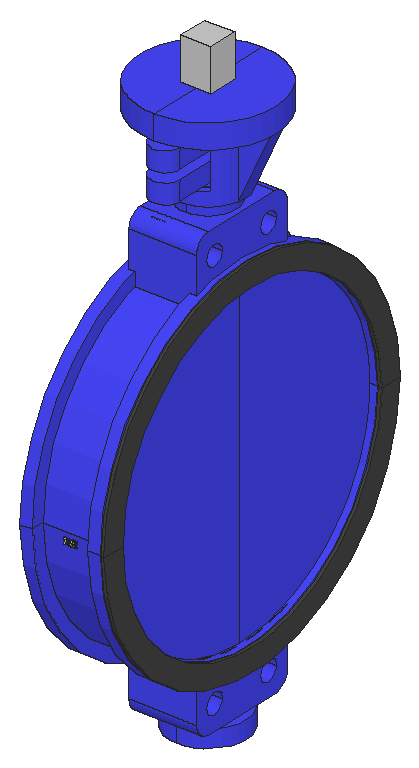
Revit family "926-10-002-DN50-500", category Pipe Accessories, Revit 2022
Family settings
  Round Connector Dimension = Use Diameter
  Part Type = Valve - Breaks Into
  Work Plane-Based = No
  Always vertical = Yes
  Cut with Voids When Loaded = No
  Shared = No
Parameters (values of type "DN500_PN25")
  total_FL_legth = A - L  # 124 mm
  rib_Loctn = Body_rib_L * 0.4  # 34.8 mm
  bottom_Shaft_T = Body_rib_W * 0.7  # 26.6 mm
  bottom_Shaft_R = Body_rib_L * 0.68  # 59.16 mm
  Wedge = A / 1.3  # 100 mm
  URL_product_pages = "https://www.avkvalves.com/P.aspx?no=92605010030160100000"
  Top_Rib = D / 2  # 23 mm
  Top_Flange_R = size_lookup(Search_table, "Top_Flange_R", 0 mm, DN)  # 105 mm
  Top _Flange_dim2 = Body_shaft_R3_T * 2  # 40 mm
  Top _Flange_dim1 = Body_shaft_R3 * 0.68  # 38.454 mm
  Slot_dim1 = Body_shaft_R2_T / 3  # 12.267 mm
  Slot_T = Body_shaft_R2_T * 0.8  # 29.44 mm
  Search_table = "926-10-002-DN50-500"
  Seal_R = (FL_R - Bore_R) / 2  # 17.5 mm
  Rib_T = (FL_T - Raised_dis) / 1.5  # 10 mm
  Rib_R = D / 2  # 23 mm
  Raised_dis = size_lookup(Search_table, "Raised_dis", 0 mm, DN)  # 4 mm
  Raised_R = size_lookup(Search_table, "Raised_R", 0 mm, DN)  # 260 mm
  PCD = size_lookup(Search_table, "PCD", 0 mm, DN)  # 620 mm
  L = Raised_dis * 1.5  # 6 mm
  Hole_R = size_lookup(Search_table, "Hole_R", 0 mm, DN)  # 16 mm
  FL_T = size_lookup(Search_table, "FL_T", 0 mm, DN)  # 19 mm
  FL_R = size_lookup(Search_table, "FL_R", 0 mm, DN)  # 285 mm
  E = size_lookup(Search_table, "E", 0 mm, DN)  # 65 mm
  Description_ = "AVK DBL. ECC. BUTTERFLY VALVE, WAFER, AWWA SHORT, PN25"
  Default Elevation = 0 mm
  DN500_PN 25 = "926-500-10-030080100000"
  DN450_PN 25 = "926-450-10-030080100000"
  DN400_PN 25 = "926-400-10-030080100000"
  DN350_PN 25 = "926-350-10-030080100000"
  DN300_PN 25 = "926-300-10-030080100000"
  DN250_PN 25 = "926-250-10-030080100000"
  DN200_PN 25 = "926-200-10-030080100000"
  DN150_PN25 = "926-150-10-030080100000"
  DN100_PN 25 = "926-100-10-030160100000"
  DN080_PN 25 = "926-080-10-030160100000"
  DN050_PN 25 = "926-050-10-030160100000"
  DN = 500 mm
  D = size_lookup(Search_table, "D", 0 mm, DN)  # 46 mm
  C = size_lookup(Search_table, "C", 0 mm, DN)  # 511 mm
  Bore_R = size_lookup(Search_table, "Bore_R", 0 mm, DN)  # 250 mm
  Body_shaft_R3_T = D / 2.3  # 20 mm
  Body_shaft_R3 = Body_shaft_R2 * 1.3  # 56.55 mm
  Body_shaft_R2_T = D * 0.8  # 36.8 mm
  Body_shaft_R2 = Body_rib_L * 0.5  # 43.5 mm
  Body_shaft_R1 = (total_FL_legth - FL_T) / 2  # 52.5 mm
  Body_rib_W = size_lookup(Search_table, "Body_rib_W", 0 mm, DN)  # 38 mm
  Body_rib_L = size_lookup(Search_table, "Body_rib_L", 0 mm, DN)  # 87 mm
  Body_end_shaft_R = (total_FL_legth - 2 * Raised_dis) / 2  # 58 mm
  Body_T = size_lookup(Search_table, "Body_T", 0 mm, DN)  # 15 mm
  B = size_lookup(Search_table, "B", 0 mm, DN)  # 380 mm
  A = size_lookup(Search_table, "A", 0 mm, DN)  # 130 mm
Types (12, lengths in mm): name | total_FL_legth | rib_Loctn | bottom_Shaft_T | bottom_Shaft_R | Wedge | URL_product_pages | Top_Rib | Top_Flange_R | Top _Flange_dim2 | Top _Flange_dim1 | Slot_dim1 | Slot_T | Seal_R | Rib_T | Rib_R | Raised_dis | Raised_R | PCD | L | Hole_R | FL_T | FL_R | E | Description_ | DN500_PN 25 | DN450_PN 25 | DN400_PN 25 | DN350_PN 25 | DN300_PN 25 | DN250_PN 25 | DN200_PN 25 | DN150_PN25 | DN100_PN 25 | DN080_PN 25 | DN050_PN 25 | DN | D | C | Bore_R | Body_shaft_R3_T | Body_shaft_R3 | Body_shaft_R2_T | Body_shaft_R2 | Body_shaft_R1 | Body_rib_W | Body_rib_L | Body_end_shaft_R | Body_T | B | A
  (no name) | 124 | 34.8 | 26.6 | 59.16 | 100 | "https://www.avkvalves.com/P.aspx?no=92605010030160100000" | 23 | 105 | 40 | 38.454 | 12.267 | 29.44 | 17.5 | 10 | 23 | 4 | 260 | 620 | 6 | 16 | 19 | 285 | 65 | "AVK DBL. ECC. BUTTERFLY VALVE, WAFER, AWWA SHORT, PN25" | "926-500-10-030080100000" | "926-450-10-030080100000" | "926-400-10-030080100000" | "926-350-10-030080100000" | "926-300-10-030080100000" | "926-250-10-030080100000" | "926-200-10-030080100000" | "926-150-10-030080100000" | "926-100-10-030160100000" | "926-080-10-030160100000" | "926-050-10-030160100000" | 500 | 46 | 511 | 250 | 20 | 56.55 | 36.8 | 43.5 | 52.5 | 38 | 87 | 58 | 15 | 380 | 130
  DN500_PN25 | 124 | 34.8 | 26.6 | 59.16 | 100 | "https://www.avkvalves.com/P.aspx?no=92605010030160100000" | 23 | 105 | 40 | 38.454 | 12.267 | 29.44 | 17.5 | 10 | 23 | 4 | 260 | 620 | 6 | 16 | 19 | 285 | 65 | "AVK DBL. ECC. BUTTERFLY VALVE, WAFER, AWWA SHORT, PN25" | "926-500-10-030080100000" | "926-450-10-030080100000" | "926-400-10-030080100000" | "926-350-10-030080100000" | "926-300-10-030080100000" | "926-250-10-030080100000" | "926-200-10-030080100000" | "926-150-10-030080100000" | "926-100-10-030160100000" | "926-080-10-030160100000" | "926-050-10-030160100000" | 500 | 46 | 511 | 250 | 20 | 56.55 | 36.8 | 43.5 | 52.5 | 38 | 87 | 58 | 15 | 380 | 130
  DN450_PN25 | 111 | 31.2 | 28.7 | 53.04 | 90 | "https://www.avkvalves.com/P.aspx?no=92605010030160100000" | 18 | 105 | 31.304 | 34.476 | 9.6 | 23.04 | 20 | 10 | 18 | 4 | 245 | 565 | 6 | 15 | 19 | 265 | 38 | "AVK DBL. ECC. BUTTERFLY VALVE, WAFER, AWWA SHORT, PN25" | "926-500-10-030080100000" | "926-450-10-030080100000" | "926-400-10-030080100000" | "926-350-10-030080100000" | "926-300-10-030080100000" | "926-250-10-030080100000" | "926-200-10-030080100000" | "926-150-10-030080100000" | "926-100-10-030160100000" | "926-080-10-030160100000" | "926-050-10-030160100000" | 450 | 36 | 492 | 225 | 15.652 | 50.7 | 28.8 | 39 | 46 | 41 | 78 | 51.5 | 16 | 360 | 117
  DN400_PN25 | 100.5 | 28 | 29.4 | 47.6 | 80.769 | "https://www.avkvalves.com/P.aspx?no=92605010020140100000" | 18 | 87.5 | 31.304 | 30.94 | 9.6 | 23.04 | 20 | 10 | 18 | 3 | 220 | 515 | 4.5 | 14 | 18 | 240 | 41 | "AVK DBL. ECC. BUTTERFLY VALVE, WAFER" | "926-500-10-010040100000" | "926-450-10-010040100000" | "926-400-10-010040100000" | "926-350-10-010040100000" | "926-300-10-010040100000" | "926-250-10-010040100000" | "926-200-10-010040100000" | "926-150-10-020040100000" | "926-100-10-020140100000" | "926-080-10-020140100000" | "926-050-10-020140100000" | 400 | 36 | 451 | 200 | 15.652 | 45.5 | 28.8 | 35 | 41.25 | 42 | 70 | 47.25 | 15 | 350 | 105
  DN350_PN25 | 91.8 | 26.8 | 21.7 | 45.56 | 74.077 | "https://www.avkvalves.com/P.aspx?no=92605010020140100000" | 18 | 75 | 31.304 | 29.614 | 9.6 | 23.04 | 17.5 | 10 | 18 | 3 | 190 | 460 | 4.5 | 13 | 18 | 210 | 41 | "AVK DBL. ECC. BUTTERFLY VALVE, WAFER" | "926-500-10-010040100000" | "926-450-10-010040100000" | "926-400-10-010040100000" | "926-350-10-010040100000" | "926-300-10-010040100000" | "926-250-10-010040100000" | "926-200-10-010040100000" | "926-150-10-020040100000" | "926-100-10-020140100000" | "926-080-10-020140100000" | "926-050-10-020140100000" | 350 | 36 | 420 | 175 | 15.652 | 43.55 | 28.8 | 33.5 | 36.9 | 31 | 67 | 42.9 | 14 | 290 | 96.3
  DN300_PN25 | 81.2 | 24 | 21 | 40.8 | 65.923 | "https://www.avkvalves.com/P.aspx?no=92605010020140100000" | 13.5 | 75 | 23.478 | 26.52 | 7.2 | 17.28 | 15 | 10 | 13.5 | 3 | 160 | 400 | 4.5 | 12 | 18 | 180 | 41 | "AVK DBL. ECC. BUTTERFLY VALVE, WAFER" | "926-500-10-010040100000" | "926-450-10-010040100000" | "926-400-10-010040100000" | "926-350-10-010040100000" | "926-300-10-010040100000" | "926-250-10-010040100000" | "926-200-10-010040100000" | "926-150-10-020040100000" | "926-100-10-020140100000" | "926-080-10-020140100000" | "926-050-10-020140100000" | 300 | 27 | 390 | 150 | 11.739 | 39 | 21.6 | 30 | 31.6 | 30 | 60 | 37.6 | 14 | 260 | 85.7
  DN250_PN25 | 76.4 | 22.4 | 16.8 | 38.08 | 61.077 | "https://www.avkvalves.com/P.aspx?no=92605010020140100000" | 13.5 | 75 | 23.478 | 24.752 | 7.2 | 17.28 | 17.5 | 10.667 | 13.5 | 2 | 140 | 350 | 3 | 11 | 18 | 160 | 36 | "AVK DBL. ECC. BUTTERFLY VALVE, WAFER" | "926-500-10-010040100000" | "926-450-10-010040100000" | "926-400-10-010040100000" | "926-350-10-010040100000" | "926-300-10-010040100000" | "926-250-10-010040100000" | "926-200-10-010040100000" | "926-150-10-020040100000" | "926-100-10-020140100000" | "926-080-10-020140100000" | "926-050-10-020140100000" | 250 | 27 | 340 | 125 | 11.739 | 36.4 | 21.6 | 28 | 29.2 | 24 | 56 | 36.2 | 14 | 222 | 79.4
  DN200_PN25 | 71.6 | 20.8 | 15.4 | 35.36 | 57.385 | "https://www.avkvalves.com/P.aspx?no=92605010020140100000" | 11 | 62.5 | 19.13 | 22.984 | 5.867 | 14.08 | 15 | 8.667 | 11 | 2 | 110 | 295 | 3 | 10 | 15 | 130 | 30 | "AVK DBL. ECC. BUTTERFLY VALVE, WAFER" | "926-500-10-010040100000" | "926-450-10-010040100000" | "926-400-10-010040100000" | "926-350-10-010040100000" | "926-300-10-010040100000" | "926-250-10-010040100000" | "926-200-10-010040100000" | "926-150-10-020040100000" | "926-100-10-020140100000" | "926-080-10-020140100000" | "926-050-10-020140100000" | 200 | 22 | 320 | 100 | 9.565 | 33.8 | 17.6 | 26 | 28.3 | 22 | 52 | 33.8 | 12 | 200 | 74.6
  DN150_PN25 | 68.4 | 12.8 | 14 | 21.76 | 54.923 | "https://www.avkvalves.com/P.aspx?no=92605010020140100000" | 8.5 | 62.5 | 14.783 | 14.144 | 4.533 | 10.88 | 13.5 | 7.333 | 8.5 | 2 | 90 | 240 | 3 | 8 | 13 | 102 | 27 | "AVK DBL. ECC. BUTTERFLY VALVE, WAFER" | "926-500-10-010040100000" | "926-450-10-010040100000" | "926-400-10-010040100000" | "926-350-10-010040100000" | "926-300-10-010040100000" | "926-250-10-010040100000" | "926-200-10-010040100000" | "926-150-10-020040100000" | "926-100-10-020140100000" | "926-080-10-020140100000" | "926-050-10-020140100000" | 150 | 17 | 280 | 75 | 7.391 | 20.8 | 13.6 | 16 | 27.7 | 20 | 32 | 32.2 | 12 | 170 | 71.4
  DN100_PN25 | 54.2 | 10 | 10.5 | 17 | 44 | "https://www.avkvalves.com/P.aspx?no=92605010020140100000" | 5.5 | 45 | 9.565 | 11.05 | 2.933 | 7.04 | 16 | 6 | 5.5 | 2 | 65 | 180 | 3 | 6 | 11 | 82 | 20 | "AVK DBL. ECC. BUTTERFLY VALVE, WAFER" | "926-500-10-010040100000" | "926-450-10-010040100000" | "926-400-10-010040100000" | "926-350-10-010040100000" | "926-300-10-010040100000" | "926-250-10-010040100000" | "926-200-10-010040100000" | "926-150-10-020040100000" | "926-100-10-020140100000" | "926-080-10-020140100000" | "926-050-10-020140100000" | 100 | 11 | 202 | 50 | 4.783 | 16.25 | 8.8 | 12.5 | 21.6 | 15 | 25 | 25.1 | 10 | 130 | 57.2
  DN080_PN25 | 47.8 | 8 | 8.4 | 13.6 | 39.077 | "https://www.avkvalves.com/P.aspx?no=92605010020140100000" | 4.5 | 45 | 7.826 | 8.84 | 2.4 | 5.76 | 17.5 | 5.333 | 4.5 | 2 | 64 | 160 | 3 | 5 | 10 | 75 | 18 | "AVK DBL. ECC. BUTTERFLY VALVE, WAFER" | "926-500-10-010040100000" | "926-450-10-010040100000" | "926-400-10-010040100000" | "926-350-10-010040100000" | "926-300-10-010040100000" | "926-250-10-010040100000" | "926-200-10-010040100000" | "926-150-10-020040100000" | "926-100-10-020140100000" | "926-080-10-020140100000" | "926-050-10-020140100000" | 80 | 9 | 185 | 40 | 3.913 | 13 | 7.2 | 10 | 18.9 | 12 | 20 | 21.9 | 8 | 110 | 50.8
  DN050_PN25 | 47.8 | 6 | 5.6 | 10.2 | 39.077 | "https://www.avkvalves.com/P.aspx?no=92605010020140100000" | 4.5 | 45 | 7.826 | 6.63 | 2.4 | 5.76 | 13.5 | 5.333 | 4.5 | 2 | 34 | 120 | 3 | 4 | 10 | 52 | 18 | "AVK DBL. ECC. BUTTERFLY VALVE, WAFER AWWA SHORT, PN25" | "926-500-10-030080100000" | "926-450-10-030080100000" | "926-400-10-030080100000" | "926-350-10-030080100000" | "926-300-10-030080100000" | "926-250-10-030080100000" | "926-200-10-030080100000" | "926-150-10-030080100000" | "926-100-10-030160100000" | "926-080-10-030160100000" | "926-050-10-030160100000" | 50 | 9 | 110 | 25 | 3.913 | 9.75 | 7.2 | 7.5 | 18.9 | 8 | 15 | 21.9 | 8 | 80 | 50.8
Reference planes
  plane 1 "Center (Front/Back)": y = 0
  plane 2: z = 0
  plane 3 "Center (Left/Right)": x = 0
  plane 4: z = -310
  plane 5: z = 310
  plane 6: x = -62
  plane 7: x = 62
  plane 8: y = 310
  plane 9: y = -310
  plane 10: x = -62
  plane 11: x = 62
  plane 12: x = -52
  plane 13: x = 52
  plane 14: z = -380
  plane 15: y = 87
  plane 16: y = -87
  plane 17: z = -348
  plane 18: z = 348
  plane 19: z = 348
  plane 20: z = 511
  plane 21: y = 23
  plane 22: y = -23
  plane 23: z = 511
  plane 24: z = 576
  plane 25: y = 23
  plane 26: y = -23
  plane 27: x = -23
  plane 28: x = 23
  plane 29: z = 474.2
  plane 30: z = 348
  plane 31: x = -11.5
  plane 32: x = 11.5
  plane 33: z = 250
  plane 34: z = -250
  plane 35: z = 388
  plane 36: z = 348
  plane 37: z = 250
  plane 38: z = 285
  plane 39: z = 474.2
  plane 40: z = 358.56
  plane 41: z = 461.933
  plane 42: z = 432.493
  plane 43: y = 285
  plane 44: y = 285
  plane 45: y = 11.5
  plane 46: y = -11.5
  plane 47: x = -23
  plane 48: x = 23
Forms (mm)
  Revolve 1, solid, material "Default"
    sketch origin (0, 0, 0) x (1, 0, 0) y (0, 1, 0)
      loop
        line (-62, 250) -> (62, 250) -> (62, 285) -> (43, 285) -> (43, 265) -> (-43, 265) -> (-43, 285) -> (-62, 285) -> (-62, 250)
      axis (-62, 0) -> (62, 0)
    angle from 0 to 360
  Revolve 2, solid, material "Default Roof"
    sketch origin (0, 0, 0) x (1, 0, 0) y (0, 1, 0)
      loop
        line (62, 285) -> (62, 250) -> (68, 250) -> (68, 285) -> (62, 285)
      axis (68, 0) -> (62, 0)
    angle from 0 to 360
  Extrusion 3, solid, material "Default"
    sketch origin (0, 0, 0) x (0, 1, 0) y (0, 0, 1)
      loop
        line (64, 348) -> (-64, 348)
        arc (-64, 348) -> (-80.263, 341.263) -> (-87, 325) r 23
        line (-87, 325) -> (-87, -325)
        arc (-87, -325) -> (-80.263, -341.263) -> (-64, -348) r 23
        line (-64, -348) -> (64, -348)
        arc (64, -348) -> (80.263, -341.263) -> (87, -325) r 23
        line (87, -325) -> (87, 325)
        arc (87, 325) -> (80.263, 341.263) -> (64, 348) r 23
    from -52 to 52
  Revolve 4, solid, material "Default"
    sketch origin (0, 0, 0) x (0, 1, 0) y (0, 0, 1)
      loop
        line (0, -380) -> (0, -348) -> (-43.5, -348) -> (-43.5, -353.4) -> (-59.16, -353.4) -> (-59.16, -380) -> (0, -380)
      axis (0, -348) -> (0, -380)
    angle from 0 to 360
  Extrusion 5, void
    sketch origin (0, 2.804, 16.825) x (0, -1, 0) y (0, 0, 1)
      loop
        circle (-49.396, -326.825) r 16
      loop
        circle (55.004, -326.825) r 16
      loop
        circle (-49.396, 293.175) r 16
      loop
        circle (55.004, 293.175) r 16
    from -62 to 62
  Revolve 6, solid, material "Default"
    sketch origin (0, 0, 0) x (0, 1, 0) y (0, 0, 1)
      loop
        line (0, 348) -> (0, 511) -> (-105, 511) -> (-105, 474.2) -> (-43.5, 474.2) -> (-43.5, 348) -> (0, 348)
      axis (0, 511) -> (0, 348)
    angle from 0 to 360
  Extrusion 7, solid, material "Laminate, White"
    sketch origin (0, 0, 0) x (0, 1, 0) y (0, 0, 1)
      loop
        line (23, 576) -> (-23, 576) -> (-23, 511) -> (23, 511) -> (23, 576)
    from -23 to 23
  Revolve 8, solid, material "Default"
    sketch origin (0, 0, 0) x (0, 1, 0) y (0, 0, 1)
      loop
        line (-56.55, 474.2) -> (-56.55, 368) -> (0, 368) -> (0, 474.2) -> (-56.55, 474.2)
      axis (0, 474.2) -> (0, 368)
    angle from 0 to 360
  Revolve 9, solid, material "Default"
    sketch origin (0, 0, 0) x (0, 1, 0) y (0, 0, 1)
      loop
        line (0, 474.2) -> (-43.5, 474.2) -> (-43.5, 388) -> (0, 388) -> (0, 474.2)
      axis (0, 388) -> (0, 474.2)
    angle from 0 to 360
  Revolve 10, void
    sketch origin (0, 0, 0) x (1, 0, 0) y (0, 1, 0)
      loop
        line (-65, 250) -> (-65, 0) -> (65, 0) -> (65, 250) -> (-65, 250)
      axis (65, 0) -> (-65, 0)
    angle from 0 to 360
  Revolve 11, solid, material "Default"
    sketch origin (0, 0, 0) x (1, 0, 0) y (0, 0, 1)
      loop
        line (50, 250) -> (-50, 250) -> (-50, 0) -> (50, 0) -> (50, 250)
      axis (-50, 0) -> (50, 0)
    angle from 0 to 360
  Extrusion 12, solid, material "Default"
    sketch origin (0, 0, 0) x (1, 0, 0) y (0, 0, 1)
      loop
        line (-105, 474.2) -> (-56.55, 368) -> (56.55, 368) -> (105, 474.2) -> (-105, 474.2)
    from -11.5 to 11.5
  Extrusion 13, void
    sketch origin (0, 0, 0) x (1, 0, 0) y (0, 0, 1)
      loop
        line (-38.454, 474.2) -> (-38.454, 388) -> (38.454, 388) -> (38.454, 474.2) -> (-38.454, 474.2)
    from -285 to 310
  Extrusion 14, solid, material "Default"
    sketch origin (0, 77.131, 432.493) x (0, 1, 0) y (-1, 0, 0)
      loop
        arc (-159.131, 23) -> (-182.131, 0) -> (-159.131, -23) r 23
        line (-159.131, -23) -> (4.869, -23)
        arc (4.869, -23) -> (27.869, 0) -> (4.869, 23) r 23
        line (4.869, 23) -> (-159.131, 23)
    from 0 to 29.44
  Extrusion 15, solid, material "Default"
    sketch origin (0, 56.62, 388) x (0, 1, 0) y (-1, 0, 0)
      loop
        line (25.38, 23) -> (-138.62, 23)
        arc (-138.62, 23) -> (-161.62, 0) -> (-138.62, -23) r 23
        line (-138.62, -23) -> (25.38, -23)
        arc (25.38, -23) -> (48.38, 0) -> (25.38, 23) r 23
    from 0 to 29.44
Cuts and joins
  Extrusion 5, Revolve 10 cuts Extrusion 3
  Revolve 10 cuts Revolve 1
  Revolve 10 cuts Revolve 2
  Extrusion 13 cuts Revolve 6
  Extrusion 13 cuts Revolve 8
  Extrusion 13 cuts Revolve 9
  Extrusion 13 cuts Extrusion 12
Dimensions and locks
  equal spacing: plane 5, level, plane 4
  "PCD": plane 5 to plane 4
  equal spacing: Revolve 1 sketch curve, plane 3 "Center (Left/Right)", Revolve 1 sketch curve  (x2)
  "Bore_R": plane 1 "Center (Front/Back)" to Revolve 1 sketch curve
  "FL_R": plane 1 "Center (Front/Back)" to Revolve 1 sketch curve
  "total_FL_legth": Revolve 1 sketch curve to Revolve 1 sketch curve
  "FL_T": Revolve 1 sketch curve to Revolve 1 sketch curve
  "Body_T": Revolve 1 sketch curve to Revolve 1 sketch curve
  equal spacing: plane 6, plane 3 "Center (Left/Right)", plane 7
  "total_FL_legth": plane 6 to plane 7
  "L": plane 7 to Revolve 2 sketch curve
  equal spacing: plane 8, plane 1 "Center (Front/Back)", plane 9
  "PCD": plane 8 to plane 9
  equal spacing: Extrusion 3 sketch curve, plane 1 "Center (Front/Back)", Extrusion 3 sketch curve
  "Body_rib_L": plane 1 "Center (Front/Back)" to Extrusion 3 sketch curve
  "Body_rib_W": plane 4 to Extrusion 3 sketch curve
  "Body_rib_W": Extrusion 3 sketch curve to plane 5
  equal spacing: Extrusion 3, plane 3 "Center (Left/Right)", Extrusion 3
  equal spacing: plane 11, plane 3 "Center (Left/Right)", plane 10
  "total_FL_legth": plane 11 to plane 10
  equal spacing: plane 12, plane 3 "Center (Left/Right)", plane 13
  "Rib_T": plane 12 to plane 10
  "B": level to plane 14
  "bottom_Shaft_R": plane 1 "Center (Front/Back)" to Revolve 4 sketch curve
  equal spacing: plane 15, plane 1 "Center (Front/Back)", plane 16
  "Body_rib_L": plane 15 to plane 1 "Center (Front/Back)"
  "Body_rib_W": plane 4 to plane 17
  "Body_rib_W": Extrusion 5 sketch curve to plane 17  (x2)
  "rib_Loctn": plane 15 to Extrusion 5 sketch curve  (x2)
  "rib_Loctn": Extrusion 5 sketch curve to plane 16  (x2)
  "Body_rib_W": plane 18 to plane 5
  "Body_rib_W": plane 18 to Extrusion 5 sketch curve  (x2)
  "Body_rib_W": plane 19 to plane 5
  "Body_shaft_R2": plane 1 "Center (Front/Back)" to Revolve 6 sketch curve
  "C": plane 20 to level
  "Top_Flange_R": plane 1 "Center (Front/Back)" to Revolve 6 sketch curve
  "Body_shaft_R2_T": plane 20 to Revolve 6 sketch curve
  "C": plane 23 to plane 2
  "E": plane 24 to plane 23
  equal spacing: plane 25, plane 1 "Center (Front/Back)", plane 26
  "D": plane 25 to plane 26
  equal spacing: plane 28, plane 3 "Center (Left/Right)", plane 27
  "D": plane 28 to plane 27
  "Body_shaft_R2_T": plane 23 to plane 29
  "Body_rib_W": plane 30 to plane 5
  "Body_shaft_R3": plane 1 "Center (Front/Back)" to Revolve 8 sketch curve
  "Body_shaft_R3_T": Revolve 8 sketch curve to plane 30
  equal spacing: plane 32, plane 3 "Center (Left/Right)", plane 31
  "Top_Rib": plane 32 to plane 31
  equal spacing: plane 33, level, plane 34
  "Bore_R": plane 33 to level
  "Bore_R": plane 37 to level
  "FL_R": plane 38 to level
  "Body_rib_W": plane 36 to plane 5
  "Top _Flange_dim2": plane 35 to plane 36
  "Body_shaft_R2_T": plane 23 to plane 39
  "Slot_T": plane 35 to plane 40
  "Slot_dim1": plane 39 to plane 41
  "Slot_T": plane 41 to plane 42
  "Body_shaft_R2": plane 1 "Center (Front/Back)" to Revolve 9 sketch curve
  "Body_rib_W": plane 4 to Revolve 4 sketch curve
  "bottom_Shaft_T": Revolve 4 sketch curve to plane 14
  "Body_shaft_R2": plane 1 "Center (Front/Back)" to Revolve 4 sketch curve
  equal spacing: Revolve 10 sketch curve, plane 3 "Center (Left/Right)", Revolve 10 sketch curve
  "A": Revolve 10 sketch curve to Revolve 10 sketch curve
  "Bore_R": plane 1 "Center (Front/Back)" to Revolve 10 sketch curve
  equal spacing: Revolve 11 sketch curve, plane 3 "Center (Left/Right)", Revolve 11 sketch curve
  "Wedge": Revolve 11 sketch curve to Revolve 11 sketch curve
  "Bore_R": level to Revolve 11 sketch curve
  "FL_R": plane 43 to plane 1 "Center (Front/Back)"
  "FL_R": plane 44 to plane 1 "Center (Front/Back)"
  "Bore_R": plane 1 "Center (Front/Back)" to Revolve 2 sketch curve
  level to nested 1 = 7.389 mm
  equal spacing: Extrusion 12 sketch curve, plane 3 "Center (Left/Right)", Extrusion 12 sketch curve  (x2)
  "Body_shaft_R3": Extrusion 12 sketch curve to plane 3 "Center (Left/Right)"
  "Top_Flange_R": Extrusion 12 sketch curve to plane 3 "Center (Left/Right)"
  "Body_shaft_R3_T": Extrusion 12 sketch curve to plane 36
  equal spacing: Extrusion 12, plane 1 "Center (Front/Back)", Extrusion 12
  equal spacing: plane 45, plane 1 "Center (Front/Back)", plane 46
  "Top_Rib": plane 45 to plane 46
  equal spacing: Extrusion 13 sketch curve, plane 3 "Center (Left/Right)", Extrusion 13 sketch curve
  "Top _Flange_dim1": Extrusion 13 sketch curve to plane 3 "Center (Left/Right)"
  "Top _Flange_dim2": Extrusion 13 sketch curve to plane 36
  equal spacing: Extrusion 14 sketch curve, plane 3 "Center (Left/Right)", Extrusion 14 sketch curve
  equal spacing: plane 47, plane 3 "Center (Left/Right)", plane 48
  "D": plane 47 to plane 48
  equal spacing: Extrusion 14 sketch curve, plane 1 "Center (Front/Back)", Extrusion 14 sketch curve
  "Top_Flange_R": plane 1 "Center (Front/Back)" to Extrusion 14 sketch curve
  "Slot_T": Extrusion 15 to plane 35
  "Rib_R": radius of Extrusion 3 sketch curve  (x4)
  "Hole_R": radius of Extrusion 5 sketch curve  (x4)
  aligned and locked: level to plane 2
  aligned and locked: plane 1 "Center (Front/Back)" to Revolve 1 sketch curve
  aligned and locked: Revolve 1 sketch curve to Revolve 1 sketch curve
  aligned and locked: plane 7 to Revolve 2 sketch curve
  aligned and locked: Revolve 2 sketch curve to plane 1 "Center (Front/Back)"
  aligned and locked: plane 12 to Extrusion 3
  aligned and locked: Revolve 4 sketch curve to plane 1 "Center (Front/Back)"
  aligned and locked: plane 14 to Revolve 4 sketch curve
  aligned and locked: plane 1 "Center (Front/Back)" to Revolve 4 sketch curve
  aligned and locked: Extrusion 5 to Revolve 1
  aligned and locked: Revolve 6 sketch curve to plane 1 "Center (Front/Back)"
  aligned and locked: plane 1 "Center (Front/Back)" to Revolve 6 sketch curve
  aligned and locked: plane 19 to Revolve 6 sketch curve
  aligned and locked: plane 23 to Extrusion 7 sketch curve
  aligned and locked: Extrusion 7 sketch curve to plane 24
  aligned and locked: plane 25 to Extrusion 7 sketch curve
  aligned and locked: Extrusion 7 sketch curve to plane 26
  aligned and locked: Extrusion 7 to plane 27
  aligned and locked: plane 28 to Extrusion 7
  aligned and locked: plane 29 to Revolve 8 sketch curve
  aligned and locked: plane 1 "Center (Front/Back)" to Revolve 8 sketch curve
  aligned and locked: plane 1 "Center (Front/Back)" to Revolve 9 sketch curve
  aligned and locked: plane 35 to Revolve 9 sketch curve
  aligned and locked: Revolve 9 sketch curve to plane 39
  aligned and locked: Revolve 9 sketch curve to plane 1 "Center (Front/Back)"
  aligned and locked: Revolve 10 sketch curve to plane 1 "Center (Front/Back)"  (x2)
  aligned and locked: level to Revolve 11 sketch curve
  aligned and locked: Revolve 11 sketch curve to plane 2
  aligned and locked: Revolve 2 sketch curve to plane 43
  aligned and locked: plane 3 "Center (Left/Right)" to nested 1
  aligned and locked: plane 39 to Extrusion 12 sketch curve
  aligned and locked: Extrusion 12 to plane 45
  aligned and locked: Extrusion 13 sketch curve to plane 39
  aligned and locked: plane 44 to Extrusion 13
  aligned and locked: Extrusion 13 to plane 9
  aligned and locked: Extrusion 14 sketch curve to plane 47
  aligned and locked: Extrusion 14 to plane 42
  aligned and locked: Extrusion 14 to plane 41
  aligned and locked: Extrusion 15 sketch curve to Extrusion 14  (x2)
  aligned and locked: Extrusion 15 to plane 35
  aligned and locked: cut or joined group of Revolve 6, Extrusion 13 to plane 23
Automatic sketch dimensions
  Revolve 1 sketch curve to plane 10 = 2.778 mm
  plane 11 to Revolve 1 sketch curve = 67.278 mm
  Revolve 2 sketch curve to plane 13 = 6.696 mm
  plane 7 to Revolve 2 sketch curve = 8.704 mm
  Revolve 4 sketch curve to Revolve 4 sketch curve = 3 mm
  Revolve 4 sketch curve to level = 10 mm
  Revolve 6 sketch curve to plane 20 = 0 mm
  Revolve 6 sketch curve to plane 14 = 49.404 mm
  Revolve 6 sketch curve to Revolve 6 sketch curve = 155 mm
  Revolve 8 sketch curve to plane 1 "Center (Front/Back)" = 0 mm
  Revolve 8 sketch curve to level = 0 mm
  Revolve 8 sketch curve to plane 37 = 2.5 mm
  Revolve 9 sketch curve to plane 35 = 1.826 mm
  Revolve 9 sketch curve to Revolve 9 sketch curve = 1 mm
  Revolve 10 sketch curve to Revolve 10 sketch curve = 47.072 mm
  Revolve 10 sketch curve to Revolve 10 sketch curve = 20 mm
  Revolve 11 sketch curve to plane 10 = 10.638 mm
  Revolve 11 sketch curve to Revolve 11 sketch curve = 25 mm
Nested families
  nested 1: "Latest New 3" at (0, -264.472, -16.721) x (1, 0, 0) z (0, -0.998, -0.0631), type "Latest New 3"
Connectors
  piping at (-62, 0, 0), diameter 500, driven by "DN"
    settings: on Revolve 1, index 1, connector inside diameter 609.6 mm, connector length 0 mm, flow factor 0, pipe flow 0.0 L/s, pressure drop 0.0 Pa, fitting loss kfactor 0, connector angle 0.00°, fixture units 0, engagement length 0 mm, angle of deflection 0.00°, flow configuration 0, flow direction 0, fitting loss method 0, system type 7, joint type 0, gender type 0, connector reference index -1, connector utility 0, adjustable connector no, is connector primary yes, connector description ""
  piping at (68, 0, 0), diameter 500, driven by "DN"
    settings: on Revolve 2, index 2, connector inside diameter 609.6 mm, connector length 0 mm, flow factor 0, pipe flow 0.0 L/s, pressure drop 0.0 Pa, fitting loss kfactor 0, connector angle 0.00°, fixture units 0, engagement length 0 mm, angle of deflection 0.00°, flow configuration 0, flow direction 0, fitting loss method 0, system type 7, joint type 0, gender type 0, connector reference index -1, connector utility 0, adjustable connector no, is connector primary no, connector description ""
Definition of nested family "Latest New 3"
  Parameters (values of type "Latest New 3")
    Default Elevation = 1219.2 mm
  Reference planes
    plane 1 "Center (Front/Back)": y = 0
    plane 2: z = 0
    plane 3 "Center (Left/Right)": x = 0
  Forms (mm)
    Extrusion 1, solid
      sketch origin (0, 0, 0) x (1, 0, 0) y (0, 1, 0)
        loop
          line (-1219.2, 1219.2) -> (-1219.2, -1219.2) -> (1219.2, -1219.2) -> (1219.2, 1219.2) -> (-1219.2, 1219.2)
      from 0 to -304.8
    Extrusion 2, solid
      sketch origin (0, 0, 0) x (1, 0, 0) y (0, 1, 0)
        loop
          line (-2.683, 9.413) -> (-9.884, 9.413) -> (-9.884, 7.46) -> (-4.022, 7.46) -> (-0.985, 0) -> (0.985, 0) -> (4.022, 7.46) -> (9.884, 7.46) -> (9.884, 9.413) -> (2.683, 9.413) -> (0, 2.824) -> (-2.683, 9.413)
        loop
          line (-4.528, 6.707) -> (-9.884, 6.707) -> (-9.884, 4.824) -> (-8.032, 4.824) -> (-9.884, 0) -> (-7.792, 0) -> (-7.394, 1.035) -> (-4.328, 1.035) -> (-3.907, 0) -> (-1.798, 0) -> (-4.528, 6.707)
        loop
          line (-6.91, 2.824) -> (-5.056, 2.824) -> (-6.01, 5.167) -> (-6.91, 2.824)
        loop
          line (1.798, 0) -> (3.907, 0) -> (4.98, 2.637) -> (6.968, 0) -> (9.413, 0) -> (7.166, 2.983)
          arc (7.166, 2.983) -> (8.216, 3.774) -> (9.007, 4.824) r 4.724
          line (9.007, 4.824) -> (9.884, 4.824) -> (9.884, 6.707) -> (8.001, 6.707)
          arc (8.001, 6.707) -> (7.315, 5.008) -> (5.642, 4.261) r 2.448
          line (5.642, 4.261) -> (6.637, 6.707) -> (4.528, 6.707) -> (1.798, 0)
      from 0 to 1
  Dimensions and locks
    aligned and locked: plane 2 to Extrusion 1
    aligned and locked: level to Extrusion 1
    aligned and locked: Extrusion 2 sketch curve to import instance  (x30)
